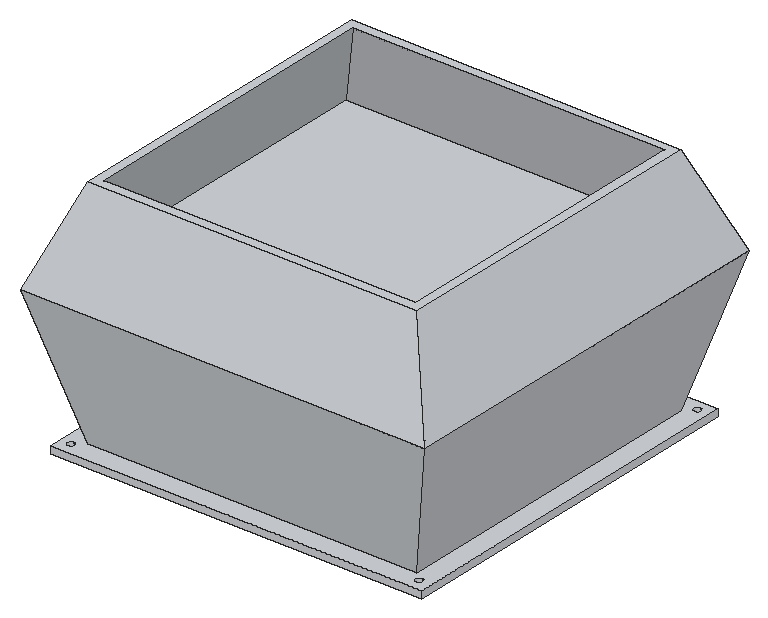
Revit family "BVN_BRF-V", category Mechanical Equipment, host Face, Revit 2019
Family settings
  Host = Face
  Round Connector Dimension = Use Diameter
  Part Type = Normal
  Cut with Voids When Loaded = No
  Shared = No
  Room Calculation Point = No
Parameters (values of type "BRF-V 315")
  t = 12.73 mm
  h_Ust = (C - G) * 0.4  # 128 mm
  h_Alt = (C - G) * 0.6  # 192 mm
  g = 10 mm
  Weight = 22.00 kg
  URL = "http://www.bahcivanmotor.com.tr/index.php"
  Speed(d/d) = 1650
  Sound Pressure Level dB(A) = 45
  QE = 185 mm
  Protection Class = 44
  Power = 155 W
  Voltage = 230 V
  Model = "BRF-V"
  Material = none
  Manufacturer = "Bahçıvan Elektrik Motor San. ve Tic. Ltd. Şti."
  Insulation Class = "F"
  G = 10 mm
  Frequency = 50 Hz
  F = D - 30 mm  # 475 mm
  Description = "Roof Fan"
  Default Elevation = 1219.2 mm
  D' = 450 mm
  Current = 0.73 A
  Capacitor (mF) = 3
  C = 330 mm
  B = 450 mm
  Air Flow = 2200.0 m³/h
  D = 505 mm
  A = 552 mm
Types (7, lengths in mm): name | t | h_Ust | h_Alt | Weight | Speed(d/d) | Sound Pressure Level dB(A) | QE | Power | Voltage | Insulation Class | G | F | D' | Current | Capacitor (mF) | C | B | Air Flow | D | A
  BRF-V 225 | 2 | 72 | 108 | 7.00 kg | 2650 | 43 | 146 | 220 W | 230 V | "B" | 10 | 305 | 285 | 0.99 A | 6 | 190 | 295 | 850.0 m³/h | 335 | 350
  BRF-V 315 | 12.73 | 128 | 192 | 22.00 kg | 1650 | 45 | 185 | 155 W | 230 V | "F" | 10 | 475 | 450 | 0.73 A | 3 | 330 | 450 | 2200.0 m³/h | 505 | 552
  BRF-V 355 | 12.73 | 150 | 225 | 34.00 kg | 1600 | 46 | 234 | 255 W | 230 V | "F" | 10 | 565 | 540 | 1.25 A | 8 | 385 | 607 | 3250.0 m³/h | 595 | 745
  BRF-V 400 | 12.73 | 150 | 225 | 39.00 kg | 1560 | 47 | 270 | 460 W | 230 V | "F" | 10 | 565 | 540 | 2.27 A | 10 | 385 | 607 | 4521.0 m³/h | 595 | 745
  BRF-V 450 | 12.73 | 200.8 | 301.2 | 51.00 kg | 1550 | 50 | 282 | 630 W | 230 V | "F" | 10 | 635 | 605 | 3.15 A | 10 | 512 | 742 | 6000.0 m³/h | 665 | 900
  BRF-V 500 | 12.73 | 200 | 300 | 60.00 kg | 1400 | 52 | 320 | 960 W | 380 V | "F" | 12 | 635 | 605 | 2 A | 0 | 512 | 742 | 7600.0 m³/h | 665 | 900
  BRF-V 560 | 12.73 | 233.2 | 349.8 | 99.00 kg | 1250 | 60 | 360 | 1515 W | 380 V | "F" | 12 | 916 | 850 | 2.9 A | 0 | 595 | 955 | 9600.0 m³/h | 946 | 1190
Reference planes
  plane 1 "Center (Front/Back)": y = 0
  plane 2: z = 0
  plane 3 "Center (Left/Right)": x = 0
  plane 4: x = -252.5
  plane 5: y = 252.5
  plane 6: x = 252.5
  plane 7: y = -252.5
Forms (mm)
  Extrusion 1, solid, material <- "Material"
    sketch origin (0, 0, 0) x (1, 0, 0) y (0, 1, 0)
      loop
        line (-252.5, 252.5) -> (-252.5, -252.5) -> (252.5, -252.5) -> (252.5, 252.5) -> (-252.5, 252.5)
    from 0 to 10 <- "G"
  Blend 2, solid
    base sketch origin (0, 0, 10) x (1, 0, 0) y (0, 1, 0)
      loop
        line (-225, 225) -> (-225, -225) -> (225, -225) -> (225, 225) -> (-225, 225)
    top sketch origin (0, 0, 10) x (1, 0, 0) y (0, 1, 0)
      loop
        line (-276, 276) -> (-276, -276) -> (276, -276) -> (276, 276) -> (-276, 276)
    from 0 to 192 <- "h_Alt"
  Blend 3, solid
    base sketch origin (0, 0, 202) x (1, 0, 0) y (0, 1, 0)
      loop
        line (-276, 276) -> (-276, -276) -> (276, -276) -> (276, 276) -> (-276, 276)
    top sketch origin (0, 0, 202) x (1, 0, 0) y (0, 1, 0)
      loop
        line (-225, 225) -> (-225, -225) -> (225, -225) -> (225, 225) -> (-225, 225)
    from 0 to 128 <- "h_Ust"
  Extrusion 4, void
    sketch origin (0, 0, 10) x (0, 1, 0) y (1, 0, 0)
      loop
        circle (237.5, -237.5) r 5
      loop
        circle (237.5, 237.5) r 5
      loop
        circle (-237.5, -237.5) r 5
      loop
        circle (-237.5, 237.5) r 5
    from 10 to 0
  Blend 5, void
    base sketch origin (0, 0, 202) x (0, 1, 0) y (-1, 0, 0)
      loop
        line (263.27, -263.27) -> (263.27, 263.27) -> (-263.27, 263.27) -> (-263.27, -263.27) -> (263.27, -263.27)
    top sketch origin (0, 0, 330) x (1, 0, 0) y (0, 1, 0)
      loop
        line (212.27, 212.27) -> (-212.27, 212.27) -> (-212.27, -212.27) -> (212.27, -212.27) -> (212.27, 212.27)
    from 0 to 1
Cuts and joins
  Extrusion 4 cuts Extrusion 1
  Extrusion 4, Blend 5 cuts Blend 2
  Extrusion 4, Blend 5 cuts Blend 3
Dimensions and locks
  equal spacing: plane 4, plane 3 "Center (Left/Right)", plane 6
  equal spacing: plane 5, plane 1 "Center (Front/Back)", plane 7
  "D": plane 5 to plane 7
  "D": plane 4 to plane 6
  equal spacing: Blend 2 sketch curve, plane 3 "Center (Left/Right)", Blend 2 sketch curve  (x2)
  equal spacing: Blend 2 sketch curve, plane 1 "Center (Front/Back)", Blend 2 sketch curve  (x2)
  "D'": Blend 2 sketch curve to Blend 2 sketch curve  (x2)
  "A": Blend 2 sketch curve to Blend 2 sketch curve  (x2)
  equal spacing: Blend 3 sketch curve, plane 3 "Center (Left/Right)", Blend 3 sketch curve
  equal spacing: Blend 3 sketch curve, plane 1 "Center (Front/Back)", Blend 3 sketch curve
  "B": Blend 3 sketch curve to Blend 3 sketch curve  (x2)
  equal spacing: Extrusion 4 sketch curve, plane 3 "Center (Left/Right)", Extrusion 4 sketch curve  (x2)
  equal spacing: Extrusion 4 sketch curve, plane 1 "Center (Front/Back)", Extrusion 4 sketch curve  (x2)
  "F": Extrusion 4 sketch curve to Extrusion 4 sketch curve  (x4)
  "t": Blend 5 sketch curve to cut or joined group of Blend 2, Extrusion 4, Blend 5  (x3)
  "t": cut or joined group of Blend 2, Extrusion 4, Blend 5 to Blend 5 sketch curve
  "t": cut or joined group of Blend 3, Extrusion 4, Blend 5 to Blend 5 sketch curve  (x3)
  "t": Blend 5 sketch curve to cut or joined group of Blend 3, Extrusion 4, Blend 5
  aligned and locked: plane 2 to host face
  aligned and locked: level to host face
  aligned and locked: Extrusion 1 sketch curve to plane 6
  aligned and locked: Extrusion 1 sketch curve to plane 5
  aligned and locked: plane 4 to Extrusion 1 sketch curve
  aligned and locked: plane 7 to Extrusion 1 sketch curve
  aligned and locked: Blend 3 sketch curve to Blend 2  (x4)
Automatic sketch dimensions
  host sketch curve to host sketch curve = 2438.4 mm  (x2)
  radius of Extrusion 4 sketch curve = 5 mm  (x4)
Connectors
  hvac at (0, 0, 0), driven by "QE"
    settings: on Extrusion 1, index 1, duct flow 0.0 m³/h, flow factor 0, pres drop 0.0 Pa, loss coef 0, conn angle 0.00°, conn width 304.8 mm, conn height 304.8 mm, conn diameter 185 mm, duct sys type 1, conn prof type 0, flow config 0, flow direction 0, loss method 0, conn ref index -1, conn util no, is conn primary yes, conn desc ""
  electrical at (252.5, 0, 5)
    settings: on Extrusion 1, index 2, voltage 0 V, apparent load 0 VA, apparent load phase1 0 VA, apparent load phase2 0 VA, apparent load phase3 0 VA, power factor 1, load classification "Other", number of poles 1, system type 14, power factor state 1, is connector primary yes, connector utility no, sub classification motor no, connector description ""
